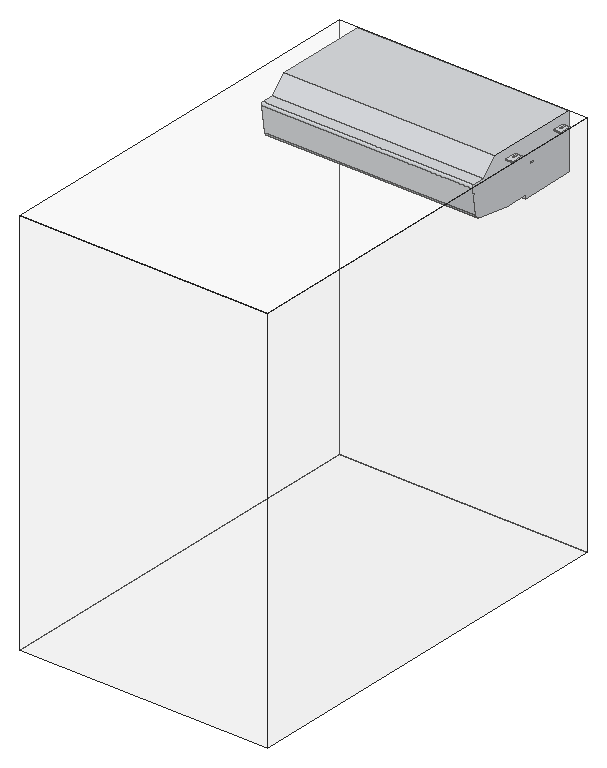
Revit family "pc-rp80_140ha19_50hz", category 機械設備, Revit 2019
Family settings
  丸型コネクタ寸法 = 直径を使用
  パーツ タイプ = 標準
  OmniClass 番号 = 23.75.10.24.21.27.27
  OmniClass タイトル = Split System Air Conditioning Units
  作業面ベース = いいえ
  常に垂直 = はい
  ロード時にボイドで切り取り = いいえ
  共有 = いいえ
  部屋計算ポイント = はい
Parameters (values of type "厨房天吊_PC-RP80HA19")
  風量_強 (m3/min) = 17
  風量_弱 (m3/min) = 15
  風量 = MAX風量  # 1020.0 m³/h
  音響パワーレベル_強 (dB) = 57
  音響パワーレベル_弱 (dB) = 55
  音響パワーレベル(dB) = [音響パワーレベル_強 (dB)]  # 57
  電源種別 = ""
  電源_H = 0 mm
  電圧 = 0 V
  電動機出力_送風機 = 0.04 kW
  運転質量 = 0.00 kg
  連動 = ""
  質量 = if(製品質量 > 運転質量, 製品質量, 運転質量) * 1.2  # 50.40 kg
  負荷分類 = 3_ファン類
  構成品番 = "PC-RP80HA19"
  冷媒液管位置 = 175 mm
  冷媒ガス管位置 = 197 mm
  ドレン管径 (外径) = 32 mm
  【値が 0 の項目は組合せ形名にてご確認ください】 = ""
  MIN風量 = [風量_弱 (m3/min)] * 60.0 m³/h  # 900.0 m³/h
  MAX風量 = [風量_強 (m3/min)] * 60.0 m³/h  # 1020.0 m³/h
  サービススペース = yes
  ケーブルサイズ = 0 mm
  Version = ""
  URL = "https://www.mitsubishielectric.co.jp/ldg/wink/ssl/top.do"
  Line = not(Width = 1136 mm)  # no
  説明 = "店舗・事務所用パッケージエアコン(Mr.SLIM) 厨房用(天吊形)"
  設計暖房能力 = 0.00 kW
  設計冷房能力_顕熱 = 0 kW
  設計冷房能力 = 0 kW
  設置方法 = "天井吊形"
  記号 = ""
  製造元 = "三菱電機株式会社"
  製品質量 = 42.00 kg
  製品出荷対象 = "国内"
  製品リリース年月 = ""
  製品グループ = ""
  系統 = ""
  符号 = "PAC_CRK"
  積算_科目 = "1 空気調和設備"
  積算_拾い区分 [instance] = ""
  相 = 1
  盤記号 = ""
  発停方法 = "付属スイッチ"
  特殊仕様 = ""
  火災停止 = ""
  消費電力_暖房 = 0.13 kW
  消費電力_冷房 = 0.13 kW
  消費電力 = if(消費電力_冷房 > 消費電力_暖房, 消費電力_冷房, 消費電力_暖房)  # 0.13 kW
  法定耐用年数 = "6"
  極数 = 1
  材質 = ""
  本体マテリアル = none
  有効加湿量 = 0
  暖房能力 = 8.00 kW
  推奨ブレーカー容量 = 0 A
  形式_加湿器 = ""
  形式 = "厨房用天井吊（露出）形"
  幹線記号 = ""
  始動方式 = "直入"
  呼称 = "室内機_厨房用天井吊（露出）形"
  周波数 = 50 Hz
  吊り位置Y = 320 mm
  吊り位置X = 1180 mm
  吊りボルト_H = 43 mm
  台数_手元リモコン = ""
  台数_冷媒分岐ユニット = ""
  参照している仕様書等のバージョン = "公共建築工事標準仕様書（機械設備工事編）平成31年度版"
  加湿給水管径 = 0.00 mm
  分類コード = "50053003123100"
  分類グループ = ""
  冷房能力 = 7.1 kW
  冷媒高低圧ガス管径 = 0.00 mm
  冷媒管径符号 = "Bd"
  冷媒管径 = 100.00 mm
  冷媒液管高さ = 165 mm
  冷媒液管径 = 9.52 mm
  冷媒ガス管高さ = 165 mm
  冷媒ガス管径 = 15.88 mm
  企業コード = "108420"
  付属品_フィルター = ""
  付属品 = ""
  仕様書バージョン = "Version1.0"
  Model = ""
  パネルマテリアル = none
  ドレン管高さ = 254 mm
  ドレン管径 = 25.00 mm
  コメント [instance] = ""
  ケーブル種類 = ""
  Width = 1136 mm
  Uniclass2015Version = "Systems v1.9"
  Uniclass2015Title = "Split coil remote air cooled condensing units"
  Uniclass2015Code = "Pr_70_65_03_84"
  SpecificationReference = ""
  SpecificationDescription = ""
  S_H = 295 mm
  Revision = ""
  ProductInformation = ""
  OmniClassCode = "23-33 17 13 11"
  IfcTypeProduct = ""
  IfcProduct = ""
  IfcExportType = "AIRCONDITIONINGUNIT"
  IfcExportAs = "IfcUnitaryEquipmentType"
  Height = 280 mm
  Depth = 650 mm
  価格 = 0
  Clearance Top = 2 mm
  Clearance Right = 100 mm
  Clearance Left = 100 mm
  Clearance Front = 1500 mm
  Clearance Bottom = 1800 mm
  Clearance Back = 0 mm
  Author = "三菱電機株式会社"
Types (2, lengths in mm): name | 風量_強 (m3/min) | 風量_弱 (m3/min) | 風量 | 音響パワーレベル_強 (dB) | 音響パワーレベル_弱 (dB) | 音響パワーレベル(dB) | 電動機出力_送風機 | 質量 | 構成品番 | MIN風量 | MAX風量 | Line | 製品質量 | 消費電力_暖房 | 消費電力_冷房 | 消費電力 | 暖房能力 | 吊り位置X | 冷房能力 | Width
  厨房天吊_PC-RP140HA19 | 38 | 28 | 2280.0 m³/h | 68 | 61 | 68 | 0.16 kW | 67.20 kg | "PC-RP140HA19" | 1680.0 m³/h | 2280.0 m³/h | yes | 56.00 kg | 0.30 kW | 0.30 kW | 0.30 kW | 14.00 kW | 1564 | 12.5 kW | 1520
  厨房天吊_PC-RP80HA19 | 17 | 15 | 1020.0 m³/h | 57 | 55 | 57 | 0.04 kW | 50.40 kg | "PC-RP80HA19" | 900.0 m³/h | 1020.0 m³/h | no | 42.00 kg | 0.13 kW | 0.13 kW | 0.13 kW | 8.00 kW | 1180 | 7.1 kW | 1136
Reference planes
  plane 1 "中心(正面/背面)": y = 0
  plane 2: z = 0
  plane 3 "中心(左/右)": x = 0
  plane 4: x = 523
  plane 5: z = 3835
  plane 6: x = 438
  plane 7: z = 3835
  plane 8: x = 463
  plane 9: z = 3746
  plane 10: x = 668
  plane 11: x = 568
  plane 12: x = -668
  plane 13: x = -568
  plane 14: y = -650
  plane 15: z = -280
  plane 16: y = -2150
  plane 17: x = -590
  plane 18: x = 590
  plane 19: z = -2095
  plane 20: z = -295
  plane 21: x = 558.3
  plane 22: y = -80
  plane 23: y = -400
  plane 24: y = -325
  plane 25: y = -197
  plane 26: y = -175
  plane 27: y = -70
  plane 28: z = -43
  plane 29: z = -165
  plane 30: z = -254
  plane 31: x = 523
  plane 32: x = 438
  plane 33: x = 463
  plane 34: x = 463
  plane 35: z = 3746
  plane 36: z = 2
  plane 37: z = -95
  plane 38: z = -165
Forms (mm)
  Extrusion 1, solid
    sketch origin (0, -325, -4000) x (0, 1, 0) y (0, 0, 1)
      loop
        line (325, 4000) -> (-171.734, 4000) -> (-246.938, 3924.796) -> (-313.202, 3924.796)
        arc (-313.202, 3924.796) -> (-322.395, 3920.509) -> (-325.02, 3910.712) r 12
        line (-325.02, 3910.712) -> (-299.97, 3768.648)
        arc (-299.97, 3768.648) -> (-294.972, 3759.046) -> (-285.369, 3754.047) r 18
        line (-285.369, 3754.047) -> (-92.277, 3720) -> (35.069, 3720) -> (35.069, 3705) -> (325, 3705) -> (325, 4000)
    from -568 to 568
  Extrusion 2, solid, detail levels fine
    sketch origin (0, 0, 0) x (0, 0, -1) y (-1, 0, 0)
      loop
        circle (165.005, -523) r 7.94
    from -325 to -197
  Extrusion 3, solid, detail levels fine
    sketch origin (0, 0, 0) x (0, 0, -1) y (-1, 0, 0)
      loop
        circle (165.005, -438) r 4.76
    from -175 to -325
  Extrusion 4, solid, detail levels fine
    sketch origin (0, 0, 0) x (0, 0, -1) y (-1, 0, 0)
      loop
        circle (254.005, -463) r 16
    from -70 to -325
  Extrusion 5, solid, detail levels fine
    sketch origin (0, 0, -4000) x (1, 0, 0) y (0, 1, 0)
      loop
        line (568, -370) -> (568, -430) -> (612, -430) -> (612, -370) -> (595, -370) -> (595, -400)
        arc (595, -400) -> (590, -405) -> (585, -400) r 5
        line (585, -400) -> (585, -370) -> (568, -370)
    from 3954.5 to 3959.5
  Extrusion 6, solid, detail levels fine
    sketch origin (0, 320, -4000) x (1, 0, 0) y (0, 1, 0)
      loop
        line (568, -370) -> (568, -430) -> (612, -430) -> (612, -370) -> (595, -370) -> (595, -400)
        arc (595, -400) -> (590, -405) -> (585, -400) r 5
        line (585, -400) -> (585, -370) -> (568, -370)
    from 3954.5 to 3959.5
  Extrusion 7, solid, detail levels fine
    sketch origin (-1180, 0, -4000) x (1, 0, 0) y (0, 1, 0)
      loop
        line (568, -370) -> (568, -430) -> (612, -430) -> (612, -370) -> (595, -370) -> (595, -400)
        arc (595, -400) -> (590, -405) -> (585, -400) r 5
        line (585, -400) -> (585, -370) -> (568, -370)
    from 3954.5 to 3959.5
  Extrusion 8, solid, detail levels fine
    sketch origin (-1180, 320, -4000) x (1, 0, 0) y (0, 1, 0)
      loop
        line (568, -370) -> (568, -430) -> (612, -430) -> (612, -370) -> (595, -370) -> (595, -400)
        arc (595, -400) -> (590, -405) -> (585, -400) r 5
        line (585, -400) -> (585, -370) -> (568, -370)
    from 3954.5 to 3959.5
  Extrusion 9, solid, detail levels fine
    sketch origin (-3.482, 0, 0) x (1, 0, 0) y (0, 0, 1)
      loop
        circle (483.982, -165) r 50
    from 0 to 5
  Extrusion 10, solid, detail levels fine
    sketch origin (0, 160, 0) x (0, 0, -1) y (-1, 0, 0)
      loop
        circle (254.005, -463) r 16
    from -160 to -165
Lines and regions (mm)
  model lines, detail levels fine
    curve 1: line (-493, -647.647, -102.744) -> (-493, -628.546, -211.073)
    curve 2: line (493, -647.647, -102.744) -> (493, -628.546, -211.073)
    curve 3: line (-493, -647.647, -102.744) -> (493, -647.647, -102.744)
    curve 4: line (493, -628.546, -211.073) -> (-493, -628.546, -211.073)
Dimensions and locks
  equal spacing: plane 13, plane 3 "中心(左/右)", plane 11
  "Width": plane 13 to plane 11
  "Clearance Right": plane 11 to plane 10
  "Clearance Left": plane 12 to plane 13
  "Depth": plane 14 to plane 1 "中心(正面/背面)"
  "Height": level to plane 15
  "Clearance Front": plane 16 to plane 14
  equal spacing: plane 17, plane 3 "中心(左/右)", plane 18
  "吊り位置X": plane 17 to plane 18
  "S_H": level to plane 20
  locked: plane 21 to plane 11 at 9.7
  locked: plane 22 to plane 1 "中心(正面/背面)" at 80
  "吊り位置Y": plane 22 to plane 23
  plane 27 to plane 1 "中心(正面/背面)" = 70 mm
  "冷媒液管位置": plane 26 to plane 1 "中心(正面/背面)"  (x2)
  "冷媒ガス管位置": plane 25 to plane 1 "中心(正面/背面)"  (x2)
  plane 24 to plane 25 = 128 mm
  plane 24 to plane 26 = 150 mm
  "Clearance Bottom": plane 20 to plane 19
  "吊りボルト_H": level to plane 28
  level to plane 29 = 165 mm
  level to plane 30 = 254 mm
  plane 31 to plane 11 = 45 mm
  plane 32 to plane 31 = 85 mm
  plane 33 to plane 11 = 105 mm
  "Clearance Back": plane 1 "中心(正面/背面)" to nested 1
  equal spacing: plane 32, Extrusion 9 sketch curve, plane 31
  "Clearance Top": plane 36 to plane 2
  "冷媒ガス管高さ": plane 2 to plane 29
  "冷媒液管高さ": Extrusion 1 to plane 38
  "冷媒液管径": diameter of Extrusion 3 sketch curve
  "冷媒ガス管径": diameter of Extrusion 2 sketch curve
  "ドレン管径 (外径)": diameter of Extrusion 4 sketch curve
  "ドレン管径 (外径)": diameter of Extrusion 10 sketch curve
  aligned and locked: level to plane 2
  aligned and locked: plane 11 to Extrusion 1
  aligned and locked: plane 13 to Extrusion 1
  aligned and locked: plane 12 to nested 1
  aligned and locked: nested 1 to plane 10
  aligned and locked: plane 17 to nested 2
  aligned and locked: nested 2 to plane 18
  aligned and locked: plane 20 to Extrusion 1
  aligned and locked: plane 19 to nested 1
  aligned and locked: plane 21 to nested 3
  aligned and locked: nested 1 to plane 16
  aligned and locked: plane 22 to nested 2
  aligned and locked: plane 23 to nested 2
  aligned and locked: plane 1 "中心(正面/背面)" to nested 1
  aligned and locked: plane 36 to nested 1
Automatic sketch dimensions
  Extrusion 1 sketch curve to level = 0 mm
  Extrusion 1 sketch curve to plane 15 = 0 mm
  Extrusion 1 sketch curve to plane 20 = 0 mm
  Extrusion 1 sketch curve to plane 1 "中心(正面/背面)" = 0 mm
  plane 24 to Extrusion 1 sketch curve = 35.069 mm
  Extrusion 1 sketch curve to plane 23 = 17.277 mm
  Extrusion 1 sketch curve to plane 23 = 96.734 mm
  Extrusion 1 sketch curve to plane 28 = 32.204 mm
  plane 14 to Extrusion 1 sketch curve = 78.062 mm
  plane 14 to Extrusion 1 sketch curve = 42.756 mm
  plane 30 to Extrusion 1 sketch curve = 8.047 mm
  Extrusion 1 sketch curve to Extrusion 1 sketch curve = 3.126 mm
  Extrusion 1 sketch curve to Extrusion 1 sketch curve = 17.727 mm
  plane 14 to Extrusion 1 sketch curve = 11.798 mm
  Extrusion 1 sketch curve to plane 14 = 0.02 mm
  Extrusion 1 sketch curve to Extrusion 1 sketch curve = 14.601 mm
  Extrusion 1 sketch curve to Extrusion 1 sketch curve = 14.084 mm
  Extrusion 1 to curve 3 = 13.664 mm
  curve 2 to Extrusion 1 = 20.591 mm
  Extrusion 1 to curve 1 = 75 mm
  Extrusion 1 to curve 3 = 75 mm
  Extrusion 5 sketch curve to plane 11 = 0 mm
  Extrusion 5 sketch curve to plane 23 = 0 mm
  Extrusion 5 sketch curve to plane 18 = 0 mm
  Extrusion 5 sketch curve to Extrusion 5 sketch curve = 5 mm
  Extrusion 5 sketch curve to plane 18 = 22 mm
  Extrusion 5 sketch curve to plane 23 = 30 mm
  plane 23 to Extrusion 5 sketch curve = 30 mm
  Extrusion 5 sketch curve to Extrusion 5 sketch curve = 0 mm
  Extrusion 6 sketch curve to plane 11 = 0 mm
  Extrusion 6 sketch curve to plane 22 = 0 mm
  Extrusion 6 sketch curve to plane 18 = 0 mm
  Extrusion 6 sketch curve to Extrusion 6 sketch curve = 5 mm
  Extrusion 6 sketch curve to plane 18 = 22 mm
  Extrusion 6 sketch curve to plane 22 = 30 mm
  plane 27 to Extrusion 6 sketch curve = 20 mm
  Extrusion 6 sketch curve to Extrusion 6 sketch curve = 0 mm
  Extrusion 7 sketch curve to plane 23 = 0 mm
  Extrusion 7 sketch curve to plane 17 = 0 mm
  Extrusion 7 sketch curve to plane 13 = 0 mm
  Extrusion 7 sketch curve to plane 17 = 5 mm
  Extrusion 7 sketch curve to plane 17 = 22 mm
  Extrusion 7 sketch curve to plane 23 = 30 mm
  plane 23 to Extrusion 7 sketch curve = 30 mm
  Extrusion 7 sketch curve to Extrusion 7 sketch curve = 0 mm
  Extrusion 8 sketch curve to plane 22 = 0 mm
  Extrusion 8 sketch curve to plane 17 = 0 mm
  Extrusion 8 sketch curve to plane 13 = 0 mm
  Extrusion 8 sketch curve to plane 17 = 5 mm
  Extrusion 8 sketch curve to plane 17 = 22 mm
  Extrusion 8 sketch curve to plane 22 = 30 mm
  plane 27 to Extrusion 8 sketch curve = 20 mm
  Extrusion 8 sketch curve to Extrusion 8 sketch curve = 0 mm
  Extrusion 9 sketch curve to plane 29 = 0 mm
  Extrusion 1 to Extrusion 2 sketch curve = 45 mm
  Extrusion 2 sketch curve to Extrusion 1 = 129.995 mm
  Extrusion 3 sketch curve to Extrusion 1 = 129.995 mm
  Extrusion 1 to Extrusion 3 sketch curve = 130 mm
  Extrusion 4 sketch curve to Extrusion 1 = 40.995 mm
  Extrusion 1 to Extrusion 4 sketch curve = 105 mm
  plane 33 to Extrusion 10 sketch curve = 0 mm
  Extrusion 10 sketch curve to plane 30 = 0.005 mm
  radius of Extrusion 9 sketch curve = 50 mm
Nested families
  nested 1: "サービススペース" at (0, -1075, -1046.5), visible <- "サービススペース", type "サービススペース"
    with Width 1336 mm, Height 2097 mm, Depth 2150 mm
  nested 2: "固定点" at (-590, -400, 0), type "固定点"
    with W 1180 mm, D 320 mm
  nested 3: "吸込口" at (-192, 0, -4000), Width <- "Width", type "吸込口"
    with Width 1136 mm, Line no
Connectors
  piping at (480.5, 0, -165), diameter 100, driven by "冷媒管径", driven by "冷媒管径符号"
    settings: on Extrusion 9, index 1, connector inside diameter 609.60 mm, connector length 0 mm, flow factor 0, pipe flow 0.0 L/s, pressure drop 0.0 Pa, fitting loss kfactor 0, connector angle 0.00°, fixture units 0, engagement length 0 mm, angle of deflection 0.00°, flow configuration 1, flow direction 1, fitting loss method 4, system type 7, joint type 0, gender type 0, connector reference index -1, connector utility 0, adjustable connector no, is connector primary yes, connector description "Bd"
  piping at (463, 0, -254.005), diameter 32, driven by "ドレン管径 (外径)"
    settings: on Extrusion 10, index 2, connector inside diameter 609.60 mm, connector length 0 mm, flow factor 0, pipe flow 0.0 L/s, pressure drop 0.0 Pa, fitting loss kfactor 0, connector angle 0.00°, fixture units 0, engagement length 0 mm, angle of deflection 0.00°, flow configuration 1, flow direction 2, fitting loss method 4, system type 16, joint type 0, gender type 0, connector reference index -1, connector utility 0, adjustable connector no, is connector primary no, connector description ""
  electrical at (568, -417.216, -169.727), driven by "極数", driven by "負荷分類", driven by "電圧", driven by "消費電力"
    settings: on Extrusion 1, index 3, voltage 0 V, apparent load 130 VA, apparent load phase1 0 VA, apparent load phase2 0 VA, apparent load phase3 0 VA, power factor 1, load classification "3_ファン類", number of poles 1, system type 30, power factor state 1, is connector primary yes, connector utility no, sub classification motor no, connector description ""
Definition of nested family "サービススペース"
  Parameters (values of type "サービススペース")
    Width [instance] = 500 mm
    Height [instance] = 500 mm
    Depth [instance] = 500 mm
  Reference planes
    plane 1 "中心(正面/背面)": y = 0
    plane 2: z = 0
    plane 3 "中心(左/右)": x = 0
    plane 4: y = -250
    plane 5: x = 250
    plane 6: y = 250
    plane 7: x = -250
    plane 8: z = 250
    plane 9: z = -250
  Forms (mm)
    Extrusion 1, solid
      sketch origin (-638.939, 0, 72.39) x (1, 0, 0) y (0, 1, 0)
        loop
          line (388.939, 250) -> (388.939, -250) -> (888.939, -250) -> (888.939, 250) -> (388.939, 250)
      from -322.39 to 177.61
  Lines and regions (mm)
    symbolic lines
      curve 1: line (-250, 0, 250) -> (250, 0, 250)
      curve 2: line (-250, 0, -250) -> (-250, 0, 250)
      curve 3: line (250, 0, -250) -> (-250, 0, -250)
      curve 4: line (250, 0, 250) -> (250, 0, -250)
      curve 5: line (0, -250, 250) -> (0, 250, 250)
      curve 6: line (0, -250, -250) -> (0, -250, 250)
      curve 7: line (0, 250, -250) -> (0, -250, -250)
      curve 8: line (0, 250, 250) -> (0, 250, -250)
      curve 9: line (-250, 250, 0) -> (250, 250, 0)
      curve 10: line (-250, -250, 0) -> (-250, 250, 0)
      curve 11: line (250, -250, 0) -> (-250, -250, 0)
      curve 12: line (250, 250, 0) -> (250, -250, 0)
  Dimensions and locks
    equal spacing: plane 7, plane 3 "中心(左/右)", plane 5
    equal spacing: plane 4, plane 1 "中心(正面/背面)", plane 6
    "Depth": plane 4 to plane 6
    "Width": plane 7 to plane 5
    equal spacing: plane 8, plane 2, plane 9
    "Height": plane 8 to plane 9
    aligned and locked: plane 9 to curve 3
    aligned and locked: plane 7 to curve 2
    aligned and locked: curve 4 to plane 5
    aligned and locked: plane 5 to Extrusion 1
    aligned and locked: Extrusion 1 to plane 7
    aligned and locked: Extrusion 1 to plane 9
    aligned and locked: plane 8 to Extrusion 1
    aligned and locked: plane 9 to curve 7
  Automatic sketch dimensions
    plane 4 to Extrusion 1 sketch curve = 0 mm
    Extrusion 1 sketch curve to plane 7 = 0 mm
    Extrusion 1 sketch curve to plane 5 = 0 mm
    plane 6 to Extrusion 1 sketch curve = 0 mm
    curve 2 to plane 8 = 0 mm
    plane 4 to curve 11 = 0 mm
    curve 11 to plane 7 = 0 mm
    curve 11 to plane 5 = 0 mm
    plane 6 to curve 10 = 0 mm
    curve 7 to plane 4 = 0 mm
    curve 7 to plane 6 = 0 mm
    curve 6 to plane 8 = 0 mm
Definition of nested family "固定点"
  Parameters (values of type "固定点")
    中心円 = 20 mm
    W [instance] = 1000 mm
    D [instance] = 1000 mm
  Reference planes
    plane 1 "中心(正面/背面)": y = 0
    plane 2: z = 0
    plane 3 "中心(左/右)": x = 0
    plane 4: x = 1000
    plane 5: y = 1000
  Lines and regions (mm)
    symbolic lines, detail levels fine
      curve 1: circle (0, 1000, 0) r 10 normal (0, 0, 1)
      curve 2: circle (0, 0, 0) r 10 normal (0, 0, 1)
      curve 3: circle (1000, 1000, 0) r 10 normal (0, 0, 1)
      curve 4: circle (1000, 0, 0) r 10 normal (0, 0, 1)
      curve 5: line (-200, 1000, 0) -> (1200, 1000, 0)
      curve 6: line (-200, 0, 0) -> (1200, 0, 0)
      curve 7: line (0, 1200, 0) -> (0, -200, 0)
      curve 8: line (1000, 1200, 0) -> (1000, -200, 0)
  Dimensions and locks
    "W": plane 3 "中心(左/右)" to plane 4
    "D": plane 1 "中心(正面/背面)" to plane 5
    "中心円": diameter of curve 1
    "中心円": diameter of curve 2
    "中心円": diameter of curve 3
    "中心円": diameter of curve 4
    aligned and locked: level to plane 2
    aligned and locked: plane 5 to curve 1
    aligned and locked: plane 3 "中心(左/右)" to curve 1
    aligned and locked: plane 3 "中心(左/右)" to curve 2
    aligned and locked: plane 1 "中心(正面/背面)" to curve 2
    aligned and locked: plane 4 to curve 3
    aligned and locked: plane 5 to curve 3
    aligned and locked: plane 1 "中心(正面/背面)" to curve 4
    aligned and locked: plane 4 to curve 4
    aligned and locked: plane 1 "中心(正面/背面)" to curve 6
    aligned and locked: curve 7 to plane 3 "中心(左/右)"
    aligned and locked: curve 8 to plane 4
  Automatic sketch dimensions
    curve 5 to plane 5 = 0 mm
    curve 6 to plane 3 "中心(左/右)" = 200 mm
    curve 5 to plane 3 "中心(左/右)" = 200 mm
    curve 4 to curve 6 = 200 mm
    curve 3 to curve 5 = 200 mm
    plane 1 "中心(正面/背面)" to curve 8 = 200 mm
    plane 1 "中心(正面/背面)" to curve 7 = 200 mm
    curve 3 to curve 8 = 200 mm
    curve 1 to curve 7 = 200 mm
Definition of nested family "吸込口"
  Parameters (values of type "吸込口")
    Width [instance] = 1136 mm
    Line [instance] = not(Width = 1136 mm)  # no
  Reference planes
    plane 1 "Center (Front/Back)": y = 0
    plane 2: z = 0
    plane 3 "Center (Left/Right)": x = 0
  Lines and regions (mm)
    model lines, visible <- "Line", detail levels fine
      curve 1: line (-376.3, -289.931, 3705) -> (-376.3, 0, 3705)
      curve 12: line (-391.3, 0, 3705) -> (-391.3, -289.931, 3705)
      curve 13: line (-750.3, -274.931, 3705) -> (-750.3, -15, 3705)
      curve 14: line (-401.3, -15, 3705) -> (-401.3, -274.931, 3705)
      curve 15: line (-750.3, -15, 3705) -> (-401.3, -15, 3705)
      curve 16: line (-401.3, -274.931, 3705) -> (-750.3, -274.931, 3705)
      curve 17: line (-750.3, -54.429, 3705) -> (-595.903, -274.931, 3705)
      curve 18: line (-401.3, -55, 3705) -> (-555.297, -274.931, 3705)
      curve 19: line (-750.3, -235.571, 3705) -> (-595.854, -15, 3705)
      curve 20: line (-401.3, -235, 3705) -> (-555.346, -15, 3705)
      curve 21: line (-750.3, -274.931, 3705) -> (-750.3, -15, 3705)
      curve 40: line (750.3, -274.931, 3705) -> (750.3, -15, 3705)
    model lines, detail levels fine
      curve 2: line (-7.7, 0, 3705) -> (-7.7, -289.931, 3705)
      curve 3: line (-366.3, -274.931, 3705) -> (-366.3, -15, 3705)
      curve 4: line (-17.7, -15, 3705) -> (-17.7, -274.931, 3705)
      curve 5: line (-366.3, -15, 3705) -> (-17.7, -15, 3705)
      curve 6: line (-17.7, -274.931, 3705) -> (-366.3, -274.931, 3705)
      curve 7: line (-366.3, -55, 3705) -> (-212.303, -274.931, 3705)
      curve 8: line (-17.7, -55, 3705) -> (-171.697, -274.931, 3705)
      curve 9: line (-366.3, -235, 3705) -> (-212.254, -15, 3705)
      curve 10: line (-17.7, -235, 3705) -> (-171.746, -15, 3705)
      curve 11: line (7.3, -289.931, 3705) -> (7.3, 0, 3705)
      curve 22: line (376.3, -289.931, 3705) -> (376.3, 0, 3705)
      curve 23: line (366.3, -274.931, 3705) -> (366.3, -15, 3705)
      curve 24: line (17.7, -15, 3705) -> (17.7, -274.931, 3705)
      curve 25: line (366.3, -15, 3705) -> (17.7, -15, 3705)
      curve 26: line (17.7, -274.931, 3705) -> (366.3, -274.931, 3705)
      curve 27: line (366.3, -55, 3705) -> (212.303, -274.931, 3705)
      curve 28: line (17.7, -55, 3705) -> (171.697, -274.931, 3705)
      curve 29: line (366.3, -235, 3705) -> (212.254, -15, 3705)
      curve 30: line (17.7, -235, 3705) -> (171.746, -15, 3705)
      curve 31: line (391.3, 0, 3705) -> (391.3, -289.931, 3705)
      curve 32: line (750.3, -274.931, 3705) -> (750.3, -15, 3705)
      curve 33: line (401.3, -15, 3705) -> (401.3, -274.931, 3705)
      curve 34: line (750.3, -15, 3705) -> (401.3, -15, 3705)
      curve 35: line (401.3, -274.931, 3705) -> (750.3, -274.931, 3705)
      curve 36: line (750.3, -54.429, 3705) -> (595.903, -274.931, 3705)
      curve 37: line (401.3, -55, 3705) -> (555.297, -274.931, 3705)
      curve 38: line (750.3, -235.571, 3705) -> (595.854, -15, 3705)
      curve 39: line (401.3, -235, 3705) -> (555.346, -15, 3705)
  Dimensions and locks
    aligned and locked: level to plane 2
